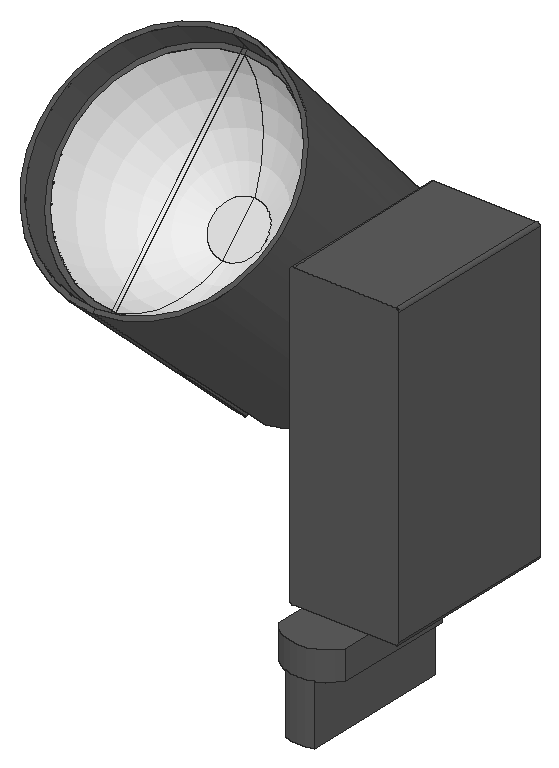
Revit family "0004904 Feilo Sylvania Lighting Fixture START TRACK SPOT L 55W 4K RA90 NB BLACK", category Lighting Fixtures, host Face, Revit 2017
Family settings
  Host = Face
  Round Connector Dimension = Use Diameter
  Part Type = Normal
  OmniClass Number = 23.80.70.00
  OmniClass Title = Lighting
  Cut with Voids When Loaded = No
  Light Source = No
  Shared = No
  Room Calculation Point = No
Parameters (values of type "0004904 START TRACK SPOT L 55W 4K RA90 NB BLACK")
  Weight = "1.398 kg"
  Wattage Comments = ""
  WarrantyStartDate [instance] = "n/a"
  WarrantyGuarantorParts = "n/a"
  WarrantyDurationUnit = "n/a"
  WarrantyDurationParts = "n/a"
  WarrantyDescription = "n/a"
  Voltage = 230 V
  URL = "http://www.sylvania-lighting.com"
  TypeName = "START TRACK SPOT L 55W 4K RA90 NB BLACK"
  TypeHead_FEILO = Start Track Spot Head : 0004904 START TRACK SPOT L 55W 4K RA90 NB BLACK
  TypeBox_FEILO = Start Track Spot Box : Type Large Black
  Type Image = <None>
  Type Comments = "n/a"
  VerticalRotation_FEILO [instance] = 0.00°
  SlideEndAngle_FEILO [instance] = VerticalRotation_FEILO + 180.00°  # 180.00°
  SerialNumber [instance] = "n/a"
  Material_3_FEILO = none
  PowerFactor = 0.96
  PowerConsumption = "55 W"
  NominalLength = 0 mm
  NominalHeight = 240 mm
  NominalDepth = 164 mm
  Name = "START TRACK SPOT L 55W 4K RA90 NB BLACK"
  ModelReference = Name  # "START TRACK SPOT L 55W 4K RA90 NB BLACK"
  ModelNumber = "0004904"
  Model = Name  # "START TRACK SPOT L 55W 4K RA90 NB BLACK"
  Material = "adc12 aluminium housing, polycarbonate diffuser"
  ManufacturerName = "Feilo Sylvania"
  Manufacturer = "Feilo Sylvania"
  LuminousEfficacy = "90 lm/W"
  LuminaireType = ""
  LightOutputRatio = "100"
  LampsType = Lamp  # "LED"
  LampNominalLuminous = "4965 lm"
  LampMacAdamStep = "3"
  LampColourTemperature = "4000 K"
  LampColourRenderingIndex = "90"
  Lamp = "LED"
  Keynote = "16500"
  InstallationDate [instance] = "n/a"
  InputVoltage = "230-240V~"
  InputNominalFrequency = "50/60 Hz"
  IngressProtection = "IP20"
  ImpactProtectionIndex = "IK02"
  IfcExportType = "IfcLightFixtureType"
  IfcExportAs = "IfcLightFixtureType"
  HorizontalRotation_FEILO [instance] = 45.00°
  ExpectedLife = 50000
  ElectricShockClassification = "Class II"
  DurationUnit = "hours"
  DocumentationLiterature = "http://www.sylvania-lighting.com/product/en-int/products/0004904"
  DimmingControlOptions = "Non dimmable"
  Material_2_FEILO = none
  Description = "Integrated LED spotlight, Textured Black - RAL9005, compact and minimalist design, ideal for retail applications, die-cast aluminium body, passive cooling heatsink. Beam angle: 15°, color temperature: 4000K , total system power: 55W, total fixture output: 4965 lm, LOR: 100%, colour rendering: Ra: 90 typical, LED Chromaticity: 3 step MacAdam ellipse, lifetime: >50000 hours at L70B50, energy class: A++, A+, A, IR/UV free light source without heat radiation, operating voltage: 220-240V / 50-60Hz, drive current: 1400mA, electronic driver, non-dimmable, power factor: 0.96, electrical protection: Class II, Global Track 3 Phase adapter suitable for Global trac 3-circuit tracks, ingress protection rating: IP20, suitable for internal environment only, horizontal rotation: 355°, vertical tilt: 90°, dimensions: Ø113x164x240, weight: 1.398kg."
  Default Elevation = 1219.2 mm
  CreatedOn = "12/12/2017"
  CreatedBy = ""
  Cost = 0
  built-in parameter 1114216 [instance] = (empty or 0)
  ClassificationValue = "EF_70_80"
  ClassificationName = "Uniclass2015"
  Material_1_FEILO = Body-Sylvania-StartTrackSpot-Black
  BarCode [instance] = "n/a"
  AssetType = "Fixed"
  AssetIdentifier [instance] = "n/a"
  Assembly Code = "D5020200"
  Apparent Load = 55 VA
  Material_4_FEILO = none
Reference planes
  plane 1 "Center (Front/Back)": y = 0
  plane 2: z = 0
  plane 3 "Center (Left/Right)": x = 0
  plane 4: x = 15
  plane 5: x = -15
  plane 6: y = 35
  plane 7: y = -35
  plane 8: z = 13
  plane 9: z = -27
  plane 10: x = 6.5
  plane 11: x = -6.5
  plane 12: y = 27
  plane 13: y = -27
  plane 14: y = 20
Forms (mm)
  Extrusion 1, solid, material "Body-Sylvania-StartTrackSpot-Black" <- "Material_1_FEILO"
    sketch origin (0, 0, 0) x (1, 0, 0) y (0, 1, 0)
      loop
        line (-15, 27) -> (-15, -27)
        arc (-15, -27) -> (0, -35) -> (15, -27) r 18.062
        line (15, -27) -> (15, 27)
        arc (15, 27) -> (0, 35) -> (-15, 27) r 18.062
    from 0 to 13
  Extrusion 2, solid, material "Body-Sylvania-StartTrackSpot-Black" <- "Material_1_FEILO"
    sketch origin (0, 0, 0) x (1, 0, 0) y (0, 1, 0)
      loop
        arc (6.5, 33.79) -> (0, 35) -> (-6.5, 33.79) r 18.062
        line (-6.5, 33.79) -> (-6.5, -33.79)
        arc (-6.5, -33.79) -> (0, -35) -> (6.5, -33.79) r 18.062
        line (6.5, -33.79) -> (6.5, 33.79)
    from 0 to -27
  Revolve 3, solid, not visible
    sketch origin (1524, 20, 1219.2) x (1, 0, 0) y (0, 0, 1)
      loop
        line (-1524, -1206.2) -> (-1524, -1191.285) -> (-1530.5, -1191.285) -> (-1530.5, -1206.2) -> (-1524, -1206.2)
      axis (-1524, -1191.285) -> (-1524, -1206.2)
    angle from 0 <- "VerticalRotation_FEILO" to 180 <- "SlideEndAngle_FEILO"
Cuts and joins
  joined: Extrusion 1, Extrusion 2
Dimensions and locks
  equal spacing: plane 10, plane 3 "Center (Left/Right)", plane 11
  equal spacing: plane 4, plane 3 "Center (Left/Right)", plane 5
  locked: plane 8 to plane 2 at 13
  locked: plane 8 to plane 9 at 40
  equal spacing: plane 13, plane 1 "Center (Front/Back)", plane 12
  locked: plane 12 to plane 6 at 8
  locked: plane 14 to plane 6 at 15
  locked: Revolve 3 sketch curve to plane 8 at 14.915
  aligned and locked: plane 2 to host face
  aligned and locked: level to host face
  aligned and locked: plane 5 to Extrusion 1 sketch curve  (x2)
  aligned and locked: plane 12 to Extrusion 1 sketch curve
  aligned and locked: plane 13 to Extrusion 1 sketch curve
  aligned and locked: plane 4 to Extrusion 1 sketch curve
  aligned and locked: Extrusion 1 to plane 8
  aligned and locked: Extrusion 1 to level
  aligned and locked: Extrusion 2 sketch curve to Extrusion 1  (x2)
  aligned and locked: Extrusion 2 sketch curve to plane 11
  aligned and locked: plane 10 to Extrusion 2 sketch curve
  aligned and locked: plane 9 to Extrusion 2
  aligned and locked: level to Extrusion 2
  aligned and locked: Revolve 3 sketch curve to plane 3 "Center (Left/Right)"  (x2)
  aligned and locked: plane 11 to Revolve 3 sketch curve
  aligned and locked: Revolve 3 sketch curve to plane 8
Automatic sketch dimensions
  host sketch curve to host sketch curve = 2438.4 mm  (x2)
  Extrusion 1 sketch curve to plane 3 "Center (Left/Right)" = 0 mm  (x2)
  Extrusion 1 sketch curve to plane 13 = 10.062 mm
  plane 12 to Extrusion 1 sketch curve = 10.062 mm
  Revolve 3 sketch curve to plane 3 "Center (Left/Right)" = 0 mm
  plane 9 to Revolve 3 sketch curve = 582.6 mm
  Revolve 3 sketch curve to Revolve 3 sketch curve = 2581.144 mm
Nested families
  nested 1: "Start Track Spot Head" at (-75.5, 20, 133) x (0, 0.7071, 0.7071) z (0, 0.7071, -0.7071), type <- "TypeHead_FEILO", type "0004904 START TRACK SPOT L 55W 4K RA90 NB BLACK"
    with built-in parameter 1114216 (empty or 0)
  nested 2: "Start Track Spot Box" at (8.5, 20, 85) x (-1, 0, 0) z (0, -1, 0), BoxStartAngle_FEILO <- "HorizontalRotation_FEILO", type <- "TypeBox_FEILO", type "Type Large Black"
    with BoxStartAngle_FEILO 45.00°, BoxEndAngle_FEILO -135.00°
Connectors
  electrical at (0, 0, 0), driven by "Apparent Load", driven by "PowerFactor", driven by "Voltage"
    settings: index 1, voltage 230 V, apparent load 55 VA, apparent load phase1 0 VA, apparent load phase2 0 VA, apparent load phase3 0 VA, power factor 0.96, load classification "Lighting", number of poles 1, system type 30, power factor state 1, is connector primary yes, connector utility no, sub classification motor no, connector description ""
Definition of nested family "Start Track Spot Head"
  Parameters (values of type "0004811 START TRACK SPOT S 14W 3K RA80 NB WHITE")
    Wattage Comments = "n/a"
    Wattage = 14 W
    built-in parameter 1150110 = 1 (stored number, unit not read)
    URL = "http://www.feilosylvania.com"
    Type Image = (empty or 0)
    Type Comments = "n/a"
    built-in parameter 1114217 = 1 (stored number, unit not read)
    Tilt Angle = -90.00°
    built-in parameter 1150109 = 1 (stored number, unit not read)
    built-in parameter 1150134 = (empty or 0)
    built-in parameter 1150113 = 1 (stored number, unit not read)
    Photometric Web File = "0004811.ies"
    Material_3_FEILO = none
    Model = "START TRACK SPOT S 14W 3K RA80 NB WHITE"
    Manufacturer = "Feilo Sylvania"
    built-in parameter 1150105 = 123.66 (stored number, unit not read)
    Lumens = 1554 lm
    built-in parameter 1150115 = 1 (stored number, unit not read)
    built-in parameter 1150137 = (empty or 0)
    built-in parameter 1150139 = (empty or 0)
    built-in parameter 1150112 = 1 (stored number, unit not read)
    built-in parameter 1150114 = 1 (stored number, unit not read)
    Lamp = "LED"
    Keynote = "16500"
    Material_2_FEILO = none
    built-in parameter 1150132 = (empty or 0)
    built-in parameter 1150102 = (empty or 0)
    built-in parameter 1150107 = 3000 (stored number, unit not read)
    built-in parameter 1150138 = (empty or 0)
    built-in parameter 1150106 = 1.2366 (stored number, unit not read)
    HeadThickness_FEILO = if(HeadDiaOut_FEILO > 112 mm, 2 mm, 1.5 mm)  # 1.5 mm
    HeadRibOffset_FEILO = HeadHeight_FEILO / 28  # 4.179 mm
    HeadRibDepth_FEILO = HeadHeight_FEILO / 2.1  # 55.714 mm
    HeadRibCutWidth_FEILO = HeadDiaOut_FEILO / 12  # 7.167 mm
    HeadRibCutOffset_FEILO = HeadHeight_FEILO / 2.3  # 50.87 mm
    HeadReflectorRadius_FEILO = HeadDiaOut_FEILO / 1.7  # 50.588 mm
    HeadReflectorOffset_FEILO = HeadHeight_FEILO / 2.1  # 55.714 mm
    HeadLEDRadius_FEILO = HeadDiaOut_FEILO / 9  # 9.556 mm
    HeadHeight_FEILO = 117 mm
    HeadDraft_FEILO = 1 mm
    HeadDiffusorThickness_FEILO = 3 mm
    HeadDiffusorOffset_FEILO = HeadHeight_FEILO / 12.4  # 9.435 mm
    HeadDiaOut_FEILO = 86 mm
    HeadDiaIn_FEILO = HeadDiaOut_FEILO / 1.11  # 77.477 mm
    HeadAxisFromTop_FEILO = HeadHeight_FEILO / 1.687  # 69.354 mm
    Emit from Circle Diameter = HeadDiaIn_FEILO  # 77.477 mm
    Emit Shape Visible in Rendering = no
    built-in parameter 1150104 = 10.312 (stored number, unit not read)
    Dimming Lamp Color Temperature Shift = (empty or 0)
    Description = "Integrated LED spotlight, Textured White - RAL9016, compact and minimalist design, ideal for retail applications, die-cast aluminium body, passive cooling heatsink. Beam angle: 12°, color temperature: 3000K , total system power: 14W, total fixture output: 1551 lm, LOR: 100%, colour rendering: Ra: 80 typical, LED Chromaticity: 3 step MacAdam ellipse, lifetime: >50000 hours at L70B50, energy class: A++, A+, A, IR/UV free light source without heat radiation, operating voltage: 220-240V / 50-60Hz, drive current: 350mA, electronic driver, non-dimmable, power factor: 0.92, electrical protection: Class II, Global Track 3 Phase adapter suitable for Global trac 3-circuit tracks, ingress protection rating: IP20, suitable for internal environment only, horizontal rotation: 355°, vertical tilt: 90°, dimensions: Ø86x140x200, weight: 0.940kg."
    Default Elevation = 1219.2 mm
    Cost = 0
    Color Filter = 16777215
    built-in parameter 1114216 [instance] = (empty or 0)
    Material_1_FEILO = none
    built-in parameter 1114218 = 1 (stored number, unit not read)
    built-in parameter 1150133 = 10 (stored number, unit not read)
    Assembly Code = "D5020200"
    Apparent Load = 14 VA
    Material_4_FEILO = none
  Types (96, lengths in mm): name | Wattage | built-in parameter 1150134 | Photometric Web File | Model | built-in parameter 1150105 | Lumens | built-in parameter 1150107 | built-in parameter 1150106 | HeadThickness_FEILO | HeadRibOffset_FEILO | HeadRibDepth_FEILO | HeadRibCutWidth_FEILO | HeadRibCutOffset_FEILO | HeadReflectorRadius_FEILO | HeadReflectorOffset_FEILO | HeadLEDRadius_FEILO | HeadHeight_FEILO | HeadDiffusorOffset_FEILO | HeadDiaOut_FEILO | HeadDiaIn_FEILO | HeadAxisFromTop_FEILO | Emit from Circle Diameter | built-in parameter 1150104 | Description | Apparent Load
    0004906 START TRACK SPOT L 55W 4K RA90 WB BLACK | 55 W | 12 | "0004906.ies" | "START TRACK SPOT L 55W 4K RA90 WB BLACK" | 385.15 (stored number, unit not read) | 4840 lm | 4000 (stored number, unit not read) | 3.8515 (stored number, unit not read) | 2 | 4.429 | 59.048 | 9.417 | 53.913 | 66.471 | 59.048 | 12.556 | 124 | 10 | 113 | 101.802 | 73.503 | 101.802 | 8.1755 (stored number, unit not read) | "Integrated LED spotlight, Textured Black - RAL9005, compact and minimalist design, ideal for retail applications, die-cast aluminium body, passive cooling heatsink. Beam angle: 52°, color temperature: 4000K , total system power: 55W, total fixture output: 4824 lm, LOR: 100%, colour rendering: Ra: 90 typical, LED Chromaticity: 3 step MacAdam ellipse, lifetime: >50000 hours at L70B50, energy class: A++, A+, A, IR/UV free light source without heat radiation, operating voltage: 220-240V / 50-60Hz, drive current: 1400mA, electronic driver, non-dimmable, power factor: 0.96, electrical protection: Class II, Global Track 3 Phase adapter suitable for Global trac 3-circuit tracks, ingress protection rating: IP20, suitable for internal environment only, horizontal rotation: 355°, vertical tilt: 90°, dimensions: Ø113x164x240, weight: 1.398kg." | 55 VA
    0004905 START TRACK SPOT L 55W 4K RA90 MB BLACK | 55 W | 12 | "0004905.ies" | "START TRACK SPOT L 55W 4K RA90 MB BLACK" | 389.53 (stored number, unit not read) | 4895 lm | 4000 (stored number, unit not read) | 3.8953 (stored number, unit not read) | 2 | 4.429 | 59.048 | 9.417 | 53.913 | 66.471 | 59.048 | 12.556 | 124 | 10 | 113 | 101.802 | 73.503 | 101.802 | 8.2684 (stored number, unit not read) | "Integrated LED spotlight, Textured Black - RAL9005, compact and minimalist design, ideal for retail applications, die-cast aluminium body, passive cooling heatsink. Beam angle: 38°, color temperature: 4000K , total system power: 55W, total fixture output: 4897 lm, LOR: 100%, colour rendering: Ra: 90 typical, LED Chromaticity: 3 step MacAdam ellipse, lifetime: >50000 hours at L70B50, energy class: A++, A+, A, IR/UV free light source without heat radiation, operating voltage: 220-240V / 50-60Hz, drive current: 1400mA, electronic driver, non-dimmable, power factor: 0.96, electrical protection: Class II, Global Track 3 Phase adapter suitable for Global trac 3-circuit tracks, ingress protection rating: IP20, suitable for internal environment only, horizontal rotation: 355°, vertical tilt: 90°, dimensions: Ø113x164x240, weight: 1.398kg." | 55 VA
    0004904 START TRACK SPOT L 55W 4K RA90 NB BLACK | 55 W | 12 | "0004904.ies" | "START TRACK SPOT L 55W 4K RA90 NB BLACK" | 393.91 (stored number, unit not read) | 4950 lm | 4000 (stored number, unit not read) | 3.9391 (stored number, unit not read) | 2 | 4.429 | 59.048 | 9.417 | 53.913 | 66.471 | 59.048 | 12.556 | 124 | 10 | 113 | 101.802 | 73.503 | 101.802 | 8.3613 (stored number, unit not read) | "Integrated LED spotlight, Textured Black - RAL9005, compact and minimalist design, ideal for retail applications, die-cast aluminium body, passive cooling heatsink. Beam angle: 15°, color temperature: 4000K , total system power: 55W, total fixture output: 4965 lm, LOR: 100%, colour rendering: Ra: 90 typical, LED Chromaticity: 3 step MacAdam ellipse, lifetime: >50000 hours at L70B50, energy class: A++, A+, A, IR/UV free light source without heat radiation, operating voltage: 220-240V / 50-60Hz, drive current: 1400mA, electronic driver, non-dimmable, power factor: 0.96, electrical protection: Class II, Global Track 3 Phase adapter suitable for Global trac 3-circuit tracks, ingress protection rating: IP20, suitable for internal environment only, horizontal rotation: 355°, vertical tilt: 90°, dimensions: Ø113x164x240, weight: 1.398kg." | 55 VA
    0004903 START TRACK SPOT L 35W 4K RA90 WB BLACK | 35 W | 12 | "0004903.ies" | "START TRACK SPOT L 35W 4K RA90 WB BLACK" | 284.09 (stored number, unit not read) | 3570 lm | 4000 (stored number, unit not read) | 2.8409 (stored number, unit not read) | 2 | 4.429 | 59.048 | 9.417 | 53.913 | 66.471 | 59.048 | 12.556 | 124 | 10 | 113 | 101.802 | 73.503 | 101.802 | 9.4761 (stored number, unit not read) | "Integrated LED spotlight, Textured Black - RAL9005, compact and minimalist design, ideal for retail applications, die-cast aluminium body, passive cooling heatsink. Beam angle: 52°, color temperature: 4000K , total system power: 35W, total fixture output: 3562 lm, LOR: 100%, colour rendering: Ra: 90 typical, LED Chromaticity: 3 step MacAdam ellipse, lifetime: >50000 hours at L70B50, energy class: A++, A+, A, IR/UV free light source without heat radiation, operating voltage: 220-240V / 50-60Hz, drive current: 900mA, electronic driver, non-dimmable, power factor: 0.93, electrical protection: Class II, Global Track 3 Phase adapter suitable for Global trac 3-circuit tracks, ingress protection rating: IP20, suitable for internal environment only, horizontal rotation: 355°, vertical tilt: 90°, dimensions: Ø113x164x240, weight: 1.368kg." | 35 VA
    0004902 START TRACK SPOT L 35W 4K RA90 MB BLACK | 35 W | 12 | "0004902.ies" | "START TRACK SPOT L 35W 4K RA90 MB BLACK" | 286.88 (stored number, unit not read) | 3605 lm | 4000 (stored number, unit not read) | 2.8688 (stored number, unit not read) | 2 | 4.429 | 59.048 | 9.417 | 53.913 | 66.471 | 59.048 | 12.556 | 124 | 10 | 113 | 101.802 | 73.503 | 101.802 | 9.569 (stored number, unit not read) | "Integrated LED spotlight, Textured Black - RAL9005, compact and minimalist design, ideal for retail applications, die-cast aluminium body, passive cooling heatsink. Beam angle: 38°, color temperature: 4000K , total system power: 35W, total fixture output: 3616 lm, LOR: 100%, colour rendering: Ra: 90 typical, LED Chromaticity: 3 step MacAdam ellipse, lifetime: >50000 hours at L70B50, energy class: A++, A+, A, IR/UV free light source without heat radiation, operating voltage: 220-240V / 50-60Hz, drive current: 900mA, electronic driver, non-dimmable, power factor: 0.93, electrical protection: Class II, Global Track 3 Phase adapter suitable for Global trac 3-circuit tracks, ingress protection rating: IP20, suitable for internal environment only, horizontal rotation: 355°, vertical tilt: 90°, dimensions: Ø113x164x240, weight: 1.368kg." | 35 VA
    0004901 START TRACK SPOT L 35W 4K RA90 NB BLACK | 35 W | 12 | "0004901.ies" | "START TRACK SPOT L 35W 4K RA90 NB BLACK" | 286.88 (stored number, unit not read) | 3605 lm | 4000 (stored number, unit not read) | 2.8688 (stored number, unit not read) | 2 | 4.429 | 59.048 | 9.417 | 53.913 | 66.471 | 59.048 | 12.556 | 124 | 10 | 113 | 101.802 | 73.503 | 101.802 | 9.569 (stored number, unit not read) | "Integrated LED spotlight, Textured Black - RAL9005, compact and minimalist design, ideal for retail applications, die-cast aluminium body, passive cooling heatsink. Beam angle: 15°, color temperature: 4000K , total system power: 35W, total fixture output: 3593 lm, LOR: 100%, colour rendering: Ra: 90 typical, LED Chromaticity: 3 step MacAdam ellipse, lifetime: >50000 hours at L70B50, energy class: A++, A+, A, IR/UV free light source without heat radiation, operating voltage: 220-240V / 50-60Hz, drive current: 900mA, electronic driver, non-dimmable, power factor: 0.93, electrical protection: Class II, Global Track 3 Phase adapter suitable for Global trac 3-circuit tracks, ingress protection rating: IP20, suitable for internal environment only, horizontal rotation: 355°, vertical tilt: 90°, dimensions: Ø113x164x240, weight: 1.368kg." | 35 VA
    0004900 START TRACK SPOT S 24W 4K RA90 WB BLACK | 24 W | 12 | "0004900.ies" | "START TRACK SPOT S 24W 4K RA90 WB BLACK" | 166.16 (stored number, unit not read) | 2088 lm | 4000 (stored number, unit not read) | 1.6616 (stored number, unit not read) | 1.5 | 4.179 | 55.714 | 7.167 | 50.87 | 50.588 | 55.714 | 9.556 | 117 | 9.435 | 86 | 77.477 | 69.354 | 77.477 | 8.0826 (stored number, unit not read) | "Integrated LED spotlight, Textured Black - RAL9005, compact and minimalist design, ideal for retail applications, die-cast aluminium body, passive cooling heatsink. Beam angle: 64°, color temperature: 4000K , total system power: 24W, total fixture output: 2087 lm, LOR: 100%, colour rendering: Ra: 90 typical, LED Chromaticity: 3 step MacAdam ellipse, lifetime: >50000 hours at L70B50, energy class: A++, A+, A, IR/UV free light source without heat radiation, operating voltage: 220-240V / 50-60Hz, drive current: 600mA, electronic driver, non-dimmable, power factor: 0.95, electrical protection: Class II, Global Track 3 Phase adapter suitable for Global trac 3-circuit tracks, ingress protection rating: IP20, suitable for internal environment only, horizontal rotation: 355°, vertical tilt: 90°, dimensions: Ø86x140x200, weight: 0.966kg." | 24 VA
    0004899 START TRACK SPOT S 24W 4K RA90 MB BLACK | 24 W | 12 | "0004899.ies" | "START TRACK SPOT S 24W 4K RA90 MB BLACK" | 169.98 (stored number, unit not read) | 2136 lm | 4000 (stored number, unit not read) | 1.6998 (stored number, unit not read) | 1.5 | 4.179 | 55.714 | 7.167 | 50.87 | 50.588 | 55.714 | 9.556 | 117 | 9.435 | 86 | 77.477 | 69.354 | 77.477 | 8.2684 (stored number, unit not read) | "Integrated LED spotlight, Textured Black - RAL9005, compact and minimalist design, ideal for retail applications, die-cast aluminium body, passive cooling heatsink. Beam angle: 36°, color temperature: 4000K , total system power: 24W, total fixture output: 2141 lm, LOR: 100%, colour rendering: Ra: 90 typical, LED Chromaticity: 3 step MacAdam ellipse, lifetime: >50000 hours at L70B50, energy class: A++, A+, A, IR/UV free light source without heat radiation, operating voltage: 220-240V / 50-60Hz, drive current: 600mA, electronic driver, non-dimmable, power factor: 0.95, electrical protection: Class II, Global Track 3 Phase adapter suitable for Global trac 3-circuit tracks, ingress protection rating: IP20, suitable for internal environment only, horizontal rotation: 355°, vertical tilt: 90°, dimensions: Ø86x140x200, weight: 0.966kg." | 24 VA
    0004898 START TRACK SPOT S 24W 4K RA90 NB BLACK | 24 W | 12 | "0004898.ies" | "START TRACK SPOT S 24W 4K RA90 NB BLACK" | 171.89 (stored number, unit not read) | 2160 lm | 4000 (stored number, unit not read) | 1.7189 (stored number, unit not read) | 1.5 | 4.179 | 55.714 | 7.167 | 50.87 | 50.588 | 55.714 | 9.556 | 117 | 9.435 | 86 | 77.477 | 69.354 | 77.477 | 8.3613 (stored number, unit not read) | "Integrated LED spotlight, Textured Black - RAL9005, compact and minimalist design, ideal for retail applications, die-cast aluminium body, passive cooling heatsink. Beam angle: 12°, color temperature: 4000K , total system power: 24W, total fixture output: 2155 lm, LOR: 100%, colour rendering: Ra: 90 typical, LED Chromaticity: 3 step MacAdam ellipse, lifetime: >50000 hours at L70B50, energy class: A++, A+, A, IR/UV free light source without heat radiation, operating voltage: 220-240V / 50-60Hz, drive current: 600mA, electronic driver, non-dimmable, power factor: 0.95, electrical protection: Class II, Global Track 3 Phase adapter suitable for Global trac 3-circuit tracks, ingress protection rating: IP20, suitable for internal environment only, horizontal rotation: 355°, vertical tilt: 90°, dimensions: Ø86x140x200, weight: 0.966kg." | 24 VA
    0004897 START TRACK SPOT S 14W 4K RA90 WB BLACK | 14 W | 12 | "0004897.ies" | "START TRACK SPOT S 14W 4K RA90 WB BLACK" | 108.07 (stored number, unit not read) | 1358 lm | 4000 (stored number, unit not read) | 1.0807 (stored number, unit not read) | 1.5 | 4.179 | 55.714 | 7.167 | 50.87 | 50.588 | 55.714 | 9.556 | 117 | 9.435 | 86 | 77.477 | 69.354 | 77.477 | 9.0116 (stored number, unit not read) | "Integrated LED spotlight, Textured Black - RAL9005, compact and minimalist design, ideal for retail applications, die-cast aluminium body, passive cooling heatsink. Beam angle: 64°, color temperature: 4000K , total system power: 14W, total fixture output: 1352 lm, LOR: 100%, colour rendering: Ra: 90 typical, LED Chromaticity: 3 step MacAdam ellipse, lifetime: >50000 hours at L70B50, energy class: A++, A+, A, IR/UV free light source without heat radiation, operating voltage: 220-240V / 50-60Hz, drive current: 350mA, electronic driver, non-dimmable, power factor: 0.92, electrical protection: Class II, Global Track 3 Phase adapter suitable for Global trac 3-circuit tracks, ingress protection rating: IP20, suitable for internal environment only, horizontal rotation: 355°, vertical tilt: 90°, dimensions: Ø86x140x200, weight: 0.940kg." | 14 VA
    0004896 START TRACK SPOT S 14W 4K RA90 MB BLACK | 14 W | 12 | "0004896.ies" | "START TRACK SPOT S 14W 4K RA90 MB BLACK" | 108.07 (stored number, unit not read) | 1358 lm | 4000 (stored number, unit not read) | 1.0807 (stored number, unit not read) | 1.5 | 4.179 | 55.714 | 7.167 | 50.87 | 50.588 | 55.714 | 9.556 | 117 | 9.435 | 86 | 77.477 | 69.354 | 77.477 | 9.0116 (stored number, unit not read) | "Integrated LED spotlight, Textured Black - RAL9005, compact and minimalist design, ideal for retail applications, die-cast aluminium body, passive cooling heatsink. Beam angle: 36°, color temperature: 4000K , total system power: 14W, total fixture output: 1359 lm, LOR: 100%, colour rendering: Ra: 90 typical, LED Chromaticity: 3 step MacAdam ellipse, lifetime: >50000 hours at L70B50, energy class: A++, A+, A, IR/UV free light source without heat radiation, operating voltage: 220-240V / 50-60Hz, drive current: 350mA, electronic driver, non-dimmable, power factor: 0.92, electrical protection: Class II, Global Track 3 Phase adapter suitable for Global trac 3-circuit tracks, ingress protection rating: IP20, suitable for internal environment only, horizontal rotation: 355°, vertical tilt: 90°, dimensions: Ø86x140x200, weight: 0.940kg." | 14 VA
    0004895 START TRACK SPOT S 14W 4K RA90 NB BLACK | 14 W | 12 | "0004895.ies" | "START TRACK SPOT S 14W 4K RA90 NB BLACK" | 106.95 (stored number, unit not read) | 1344 lm | 4000 (stored number, unit not read) | 1.0695 (stored number, unit not read) | 1.5 | 4.179 | 55.714 | 7.167 | 50.87 | 50.588 | 55.714 | 9.556 | 117 | 9.435 | 86 | 77.477 | 69.354 | 77.477 | 8.9187 (stored number, unit not read) | "Integrated LED spotlight, Textured Black - RAL9005, compact and minimalist design, ideal for retail applications, die-cast aluminium body, passive cooling heatsink. Beam angle: 12°, color temperature: 4000K , total system power: 14W, total fixture output: 1349 lm, LOR: 100%, colour rendering: Ra: 90 typical, LED Chromaticity: 3 step MacAdam ellipse, lifetime: >50000 hours at L70B50, energy class: A++, A+, A, IR/UV free light source without heat radiation, operating voltage: 220-240V / 50-60Hz, drive current: 350mA, electronic driver, non-dimmable, power factor: 0.92, electrical protection: Class II, Global Track 3 Phase adapter suitable for Global trac 3-circuit tracks, ingress protection rating: IP20, suitable for internal environment only, horizontal rotation: 355°, vertical tilt: 90°, dimensions: Ø86x140x200, weight: 0.940kg." | 14 VA
    0004894 START TRACK SPOT L 55W 3K RA90 WB BLACK | 55 W | (empty or 0) | "0004894.ies" | "START TRACK SPOT L 55W 3K RA90 WB BLACK" | 350.14 (stored number, unit not read) | 4400 lm | 3000 (stored number, unit not read) | 3.5014 (stored number, unit not read) | 2 | 4.429 | 59.048 | 9.417 | 53.913 | 66.471 | 59.048 | 12.556 | 124 | 10 | 113 | 101.802 | 73.503 | 101.802 | 7.4322 (stored number, unit not read) | "Integrated LED spotlight, Textured Black - RAL9005, compact and minimalist design, ideal for retail applications, die-cast aluminium body, passive cooling heatsink. Beam angle: 52°, color temperature: 3000K , total system power: 55W, total fixture output: 4405 lm, LOR: 100%, colour rendering: Ra: 90 typical, LED Chromaticity: 3 step MacAdam ellipse, lifetime: >50000 hours at L70B50, energy class: A++, A+, A, IR/UV free light source without heat radiation, operating voltage: 220-240V / 50-60Hz, drive current: 1400mA, electronic driver, non-dimmable, power factor: 0.96, electrical protection: Class II, Global Track 3 Phase adapter suitable for Global trac 3-circuit tracks, ingress protection rating: IP20, suitable for internal environment only, horizontal rotation: 355°, vertical tilt: 90°, dimensions: Ø113x164x240, weight: 1.398kg." | 55 VA
    0004893 START TRACK SPOT L 55W 3K RA90 MB BLACK | 55 W | (empty or 0) | "0004893.ies" | "START TRACK SPOT L 55W 3K RA90 MB BLACK" | 354.52 (stored number, unit not read) | 4455 lm | 3000 (stored number, unit not read) | 3.5452 (stored number, unit not read) | 2 | 4.429 | 59.048 | 9.417 | 53.913 | 66.471 | 59.048 | 12.556 | 124 | 10 | 113 | 101.802 | 73.503 | 101.802 | 7.5251 (stored number, unit not read) | "Integrated LED spotlight, Textured Black - RAL9005, compact and minimalist design, ideal for retail applications, die-cast aluminium body, passive cooling heatsink. Beam angle: 38°, color temperature: 3000K , total system power: 55W, total fixture output: 4448 lm, LOR: 100%, colour rendering: Ra: 90 typical, LED Chromaticity: 3 step MacAdam ellipse, lifetime: >50000 hours at L70B50, energy class: A++, A+, A, IR/UV free light source without heat radiation, operating voltage: 220-240V / 50-60Hz, drive current: 1400mA, electronic driver, non-dimmable, power factor: 0.96, electrical protection: Class II, Global Track 3 Phase adapter suitable for Global trac 3-circuit tracks, ingress protection rating: IP20, suitable for internal environment only, horizontal rotation: 355°, vertical tilt: 90°, dimensions: Ø113x164x240, weight: 1.398kg." | 55 VA
    0004892 START TRACK SPOT L 55W 3K RA90 NB BLACK | 55 W | (empty or 0) | "0004892.ies" | "START TRACK SPOT L 55W 3K RA90 NB BLACK" | 350.14 (stored number, unit not read) | 4400 lm | 3000 (stored number, unit not read) | 3.5014 (stored number, unit not read) | 2 | 4.429 | 59.048 | 9.417 | 53.913 | 66.471 | 59.048 | 12.556 | 124 | 10 | 113 | 101.802 | 73.503 | 101.802 | 7.4322 (stored number, unit not read) | "Integrated LED spotlight, Textured Black - RAL9005, compact and minimalist design, ideal for retail applications, die-cast aluminium body, passive cooling heatsink. Beam angle: 15°, color temperature: 3000K , total system power: 55W, total fixture output: 4416 lm, LOR: 100%, colour rendering: Ra: 90 typical, LED Chromaticity: 3 step MacAdam ellipse, lifetime: >50000 hours at L70B50, energy class: A++, A+, A, IR/UV free light source without heat radiation, operating voltage: 220-240V / 50-60Hz, drive current: 1400mA, electronic driver, non-dimmable, power factor: 0.96, electrical protection: Class II, Global Track 3 Phase adapter suitable for Global trac 3-circuit tracks, ingress protection rating: IP20, suitable for internal environment only, horizontal rotation: 355°, vertical tilt: 90°, dimensions: Ø113x164x240, weight: 1.398kg." | 55 VA
    0004891 START TRACK SPOT L 35W 3K RA90 WB BLACK | 35 W | (empty or 0) | "0004891.ies" | "START TRACK SPOT L 35W 3K RA90 WB BLACK" | 259.02 (stored number, unit not read) | 3255 lm | 3000 (stored number, unit not read) | 2.5902 (stored number, unit not read) | 2 | 4.429 | 59.048 | 9.417 | 53.913 | 66.471 | 59.048 | 12.556 | 124 | 10 | 113 | 101.802 | 73.503 | 101.802 | 8.64 (stored number, unit not read) | "Integrated LED spotlight, Textured Black - RAL9005, compact and minimalist design, ideal for retail applications, die-cast aluminium body, passive cooling heatsink. Beam angle: 52°, color temperature: 3000K , total system power: 35W, total fixture output: 3260 lm, LOR: 100%, colour rendering: Ra: 90 typical, LED Chromaticity: 3 step MacAdam ellipse, lifetime: >50000 hours at L70B50, energy class: A++, A+, A, IR/UV free light source without heat radiation, operating voltage: 220-240V / 50-60Hz, drive current: 900mA, electronic driver, non-dimmable, power factor: 0.93, electrical protection: Class II, Global Track 3 Phase adapter suitable for Global trac 3-circuit tracks, ingress protection rating: IP20, suitable for internal environment only, horizontal rotation: 355°, vertical tilt: 90°, dimensions: Ø113x164x240, weight: 1.368kg." | 35 VA
    0004890 START TRACK SPOT L 35W 3K RA90 MB BLACK | 35 W | (empty or 0) | "0004890.ies" | "START TRACK SPOT L 35W 3K RA90 MB BLACK" | 261.81 (stored number, unit not read) | 3290 lm | 3000 (stored number, unit not read) | 2.6181 (stored number, unit not read) | 2 | 4.429 | 59.048 | 9.417 | 53.913 | 66.471 | 59.048 | 12.556 | 124 | 10 | 113 | 101.802 | 73.503 | 101.802 | 8.7329 (stored number, unit not read) | "Integrated LED spotlight, Textured Black - RAL9005, compact and minimalist design, ideal for retail applications, die-cast aluminium body, passive cooling heatsink. Beam angle: 38°, color temperature: 3000K , total system power: 35W, total fixture output: 3306 lm, LOR: 100%, colour rendering: Ra: 90 typical, LED Chromaticity: 3 step MacAdam ellipse, lifetime: >50000 hours at L70B50, energy class: A++, A+, A, IR/UV free light source without heat radiation, operating voltage: 220-240V / 50-60Hz, drive current: 900mA, electronic driver, non-dimmable, power factor: 0.93, electrical protection: Class II, Global Track 3 Phase adapter suitable for Global trac 3-circuit tracks, ingress protection rating: IP20, suitable for internal environment only, horizontal rotation: 355°, vertical tilt: 90°, dimensions: Ø113x164x240, weight: 1.368kg." | 35 VA
    0004889 START TRACK SPOT L 35W 3K RA90 NB BLACK | 35 W | (empty or 0) | "0004889.ies" | "START TRACK SPOT L 35W 3K RA90 NB BLACK" | 261.81 (stored number, unit not read) | 3290 lm | 3000 (stored number, unit not read) | 2.6181 (stored number, unit not read) | 2 | 4.429 | 59.048 | 9.417 | 53.913 | 66.471 | 59.048 | 12.556 | 124 | 10 | 113 | 101.802 | 73.503 | 101.802 | 8.7329 (stored number, unit not read) | "Integrated LED spotlight, Textured Black - RAL9005, compact and minimalist design, ideal for retail applications, die-cast aluminium body, passive cooling heatsink. Beam angle: 15°, color temperature: 3000K , total system power: 35W, total fixture output: 3287 lm, LOR: 100%, colour rendering: Ra: 90 typical, LED Chromaticity: 3 step MacAdam ellipse, lifetime: >50000 hours at L70B50, energy class: A++, A+, A, IR/UV free light source without heat radiation, operating voltage: 220-240V / 50-60Hz, drive current: 900mA, electronic driver, non-dimmable, power factor: 0.93, electrical protection: Class II, Global Track 3 Phase adapter suitable for Global trac 3-circuit tracks, ingress protection rating: IP20, suitable for internal environment only, horizontal rotation: 355°, vertical tilt: 90°, dimensions: Ø113x164x240, weight: 1.368kg." | 35 VA
    0004888 START TRACK SPOT S 24W 3K RA90 WB BLACK | 24 W | (empty or 0) | "0004888.ies" | "START TRACK SPOT S 24W 3K RA90 WB BLACK" | 152.79 (stored number, unit not read) | 1920 lm | 3000 (stored number, unit not read) | 1.5279 (stored number, unit not read) | 1.5 | 4.179 | 55.714 | 7.167 | 50.87 | 50.588 | 55.714 | 9.556 | 117 | 9.435 | 86 | 77.477 | 69.354 | 77.477 | 7.4322 (stored number, unit not read) | "Integrated LED spotlight, Textured Black - RAL9005, compact and minimalist design, ideal for retail applications, die-cast aluminium body, passive cooling heatsink. Beam angle: 64°, color temperature: 3000K , total system power: 24W, total fixture output: 1928 lm, LOR: 100%, colour rendering: Ra: 90 typical, LED Chromaticity: 3 step MacAdam ellipse, lifetime: >50000 hours at L70B50, energy class: A++, A+, A, IR/UV free light source without heat radiation, operating voltage: 220-240V / 50-60Hz, drive current: 600mA, electronic driver, non-dimmable, power factor: 0.95, electrical protection: Class II, Global Track 3 Phase adapter suitable for Global trac 3-circuit tracks, ingress protection rating: IP20, suitable for internal environment only, horizontal rotation: 355°, vertical tilt: 90°, dimensions: Ø86x140x200, weight: 0.966kg." | 24 VA
    0004887 START TRACK SPOT S 24W 3K RA90 MB BLACK | 24 W | (empty or 0) | "0004887.ies" | "START TRACK SPOT S 24W 3K RA90 MB BLACK" | 154.7 (stored number, unit not read) | 1944 lm | 3000 (stored number, unit not read) | 1.547 (stored number, unit not read) | 1.5 | 4.179 | 55.714 | 7.167 | 50.87 | 50.588 | 55.714 | 9.556 | 117 | 9.435 | 86 | 77.477 | 69.354 | 77.477 | 7.5251 (stored number, unit not read) | "Integrated LED spotlight, Textured Black - RAL9005, compact and minimalist design, ideal for retail applications, die-cast aluminium body, passive cooling heatsink. Beam angle: 36°, color temperature: 3000K , total system power: 24W, total fixture output: 1944 lm, LOR: 100%, colour rendering: Ra: 90 typical, LED Chromaticity: 3 step MacAdam ellipse, lifetime: >50000 hours at L70B50, energy class: A++, A+, A, IR/UV free light source without heat radiation, operating voltage: 220-240V / 50-60Hz, drive current: 600mA, electronic driver, non-dimmable, power factor: 0.95, electrical protection: Class II, Global Track 3 Phase adapter suitable for Global trac 3-circuit tracks, ingress protection rating: IP20, suitable for internal environment only, horizontal rotation: 355°, vertical tilt: 90°, dimensions: Ø86x140x200, weight: 0.966kg." | 24 VA
    0004886 START TRACK SPOT S 24W 3K RA90 NB BLACK | 24 W | (empty or 0) | "0004886.ies" | "START TRACK SPOT S 24W 3K RA90 NB BLACK" | 158.52 (stored number, unit not read) | 1992 lm | 3000 (stored number, unit not read) | 1.5852 (stored number, unit not read) | 1.5 | 4.179 | 55.714 | 7.167 | 50.87 | 50.588 | 55.714 | 9.556 | 117 | 9.435 | 86 | 77.477 | 69.354 | 77.477 | 7.711 (stored number, unit not read) | "Integrated LED spotlight, Textured Black - RAL9005, compact and minimalist design, ideal for retail applications, die-cast aluminium body, passive cooling heatsink. Beam angle: 12°, color temperature: 3000K , total system power: 24W, total fixture output: 1987 lm, LOR: 100%, colour rendering: Ra: 90 typical, LED Chromaticity: 3 step MacAdam ellipse, lifetime: >50000 hours at L70B50, energy class: A++, A+, A, IR/UV free light source without heat radiation, operating voltage: 220-240V / 50-60Hz, drive current: 600mA, electronic driver, non-dimmable, power factor: 0.95, electrical protection: Class II, Global Track 3 Phase adapter suitable for Global trac 3-circuit tracks, ingress protection rating: IP20, suitable for internal environment only, horizontal rotation: 355°, vertical tilt: 90°, dimensions: Ø86x140x200, weight: 0.966kg." | 24 VA
    0004885 START TRACK SPOT S 14W 3K RA90 WB BLACK | 14 W | (empty or 0) | "0004885.ies" | "START TRACK SPOT S 14W 3K RA90 WB BLACK" | 100.27 (stored number, unit not read) | 1260 lm | 3000 (stored number, unit not read) | 1.0027 (stored number, unit not read) | 1.5 | 4.179 | 55.714 | 7.167 | 50.87 | 50.588 | 55.714 | 9.556 | 117 | 9.435 | 86 | 77.477 | 69.354 | 77.477 | 8.3613 (stored number, unit not read) | "Integrated LED spotlight, Textured Black - RAL9005, compact and minimalist design, ideal for retail applications, die-cast aluminium body, passive cooling heatsink. Beam angle: 64°, color temperature: 3000K , total system power: 14W, total fixture output: 1262 lm, LOR: 100%, colour rendering: Ra: 90 typical, LED Chromaticity: 3 step MacAdam ellipse, lifetime: >50000 hours at L70B50, energy class: A++, A+, A, IR/UV free light source without heat radiation, operating voltage: 220-240V / 50-60Hz, drive current: 350mA, electronic driver, non-dimmable, power factor: 0.92, electrical protection: Class II, Global Track 3 Phase adapter suitable for Global trac 3-circuit tracks, ingress protection rating: IP20, suitable for internal environment only, horizontal rotation: 355°, vertical tilt: 90°, dimensions: Ø86x140x200, weight: 0.940kg." | 14 VA
    0004884 START TRACK SPOT S 14W 3K RA90 MB BLACK | 14 W | (empty or 0) | "0004884.ies" | "START TRACK SPOT S 14W 3K RA90 MB BLACK" | 100.27 (stored number, unit not read) | 1260 lm | 3000 (stored number, unit not read) | 1.0027 (stored number, unit not read) | 1.5 | 4.179 | 55.714 | 7.167 | 50.87 | 50.588 | 55.714 | 9.556 | 117 | 9.435 | 86 | 77.477 | 69.354 | 77.477 | 8.3613 (stored number, unit not read) | "Integrated LED spotlight, Textured Black - RAL9005, compact and minimalist design, ideal for retail applications, die-cast aluminium body, passive cooling heatsink. Beam angle: 36°, color temperature: 3000K , total system power: 14W, total fixture output: 1262 lm, LOR: 100%, colour rendering: Ra: 90 typical, LED Chromaticity: 3 step MacAdam ellipse, lifetime: >50000 hours at L70B50, energy class: A++, A+, A, IR/UV free light source without heat radiation, operating voltage: 220-240V / 50-60Hz, drive current: 350mA, electronic driver, non-dimmable, power factor: 0.92, electrical protection: Class II, Global Track 3 Phase adapter suitable for Global trac 3-circuit tracks, ingress protection rating: IP20, suitable for internal environment only, horizontal rotation: 355°, vertical tilt: 90°, dimensions: Ø86x140x200, weight: 0.940kg." | 14 VA
    0004883 START TRACK SPOT S 14W 3K RA90 NB BLACK | 14 W | (empty or 0) | "0004883.ies" | "START TRACK SPOT S 14W 3K RA90 NB BLACK" | 102.5 (stored number, unit not read) | 1288 lm | 3000 (stored number, unit not read) | 1.025 (stored number, unit not read) | 1.5 | 4.179 | 55.714 | 7.167 | 50.87 | 50.588 | 55.714 | 9.556 | 117 | 9.435 | 86 | 77.477 | 69.354 | 77.477 | 8.5471 (stored number, unit not read) | "Integrated LED spotlight, Textured Black - RAL9005, compact and minimalist design, ideal for retail applications, die-cast aluminium body, passive cooling heatsink. Beam angle: 12°, color temperature: 3000K , total system power: 14W, total fixture output: 1284 lm, LOR: 100%, colour rendering: Ra: 90 typical, LED Chromaticity: 3 step MacAdam ellipse, lifetime: >50000 hours at L70B50, energy class: A++, A+, A, IR/UV free light source without heat radiation, operating voltage: 220-240V / 50-60Hz, drive current: 350mA, electronic driver, non-dimmable, power factor: 0.92, electrical protection: Class II, Global Track 3 Phase adapter suitable for Global trac 3-circuit tracks, ingress protection rating: IP20, suitable for internal environment only, horizontal rotation: 355°, vertical tilt: 90°, dimensions: Ø86x140x200, weight: 0.940kg." | 14 VA
    0004882 START TRACK SPOT L 55W 4K RA90 WB WHITE | 55 W | 12 | "0004882.ies" | "START TRACK SPOT L 55W 4K RA90 WB WHITE" | 385.15 (stored number, unit not read) | 4840 lm | 4000 (stored number, unit not read) | 3.8515 (stored number, unit not read) | 2 | 4.429 | 59.048 | 9.417 | 53.913 | 66.471 | 59.048 | 12.556 | 124 | 10 | 113 | 101.802 | 73.503 | 101.802 | 8.1755 (stored number, unit not read) | "Integrated LED spotlight, Textured White - RAL9016, compact and minimalist design, ideal for retail applications, die-cast aluminium body, passive cooling heatsink. Beam angle: 52°, color temperature: 4000K , total system power: 55W, total fixture output: 4824 lm, LOR: 100%, colour rendering: Ra: 90 typical, LED Chromaticity: 3 step MacAdam ellipse, lifetime: >50000 hours at L70B50, energy class: A++, A+, A, IR/UV free light source without heat radiation, operating voltage: 220-240V / 50-60Hz, drive current: 1400mA, electronic driver, non-dimmable, power factor: 0.96, electrical protection: Class II, Global Track 3 Phase adapter suitable for Global trac 3-circuit tracks, ingress protection rating: IP20, suitable for internal environment only, horizontal rotation: 355°, vertical tilt: 90°, dimensions: Ø113x164x240, weight: 1.398kg." | 55 VA
    0004881 START TRACK SPOT L 55W 4K RA90 MB WHITE | 55 W | 12 | "0004881.ies" | "START TRACK SPOT L 55W 4K RA90 MB WHITE" | 389.53 (stored number, unit not read) | 4895 lm | 4000 (stored number, unit not read) | 3.8953 (stored number, unit not read) | 2 | 4.429 | 59.048 | 9.417 | 53.913 | 66.471 | 59.048 | 12.556 | 124 | 10 | 113 | 101.802 | 73.503 | 101.802 | 8.2684 (stored number, unit not read) | "Integrated LED spotlight, Textured White - RAL9016, compact and minimalist design, ideal for retail applications, die-cast aluminium body, passive cooling heatsink. Beam angle: 38°, color temperature: 4000K , total system power: 55W, total fixture output: 4897 lm, LOR: 100%, colour rendering: Ra: 90 typical, LED Chromaticity: 3 step MacAdam ellipse, lifetime: >50000 hours at L70B50, energy class: A++, A+, A, IR/UV free light source without heat radiation, operating voltage: 220-240V / 50-60Hz, drive current: 1400mA, electronic driver, non-dimmable, power factor: 0.96, electrical protection: Class II, Global Track 3 Phase adapter suitable for Global trac 3-circuit tracks, ingress protection rating: IP20, suitable for internal environment only, horizontal rotation: 355°, vertical tilt: 90°, dimensions: Ø113x164x240, weight: 1.398kg." | 55 VA
    0004880 START TRACK SPOT L 55W 4K RA90 NB WHITE | 55 W | 12 | "0004880.ies" | "START TRACK SPOT L 55W 4K RA90 NB WHITE" | 393.91 (stored number, unit not read) | 4950 lm | 4000 (stored number, unit not read) | 3.9391 (stored number, unit not read) | 2 | 4.429 | 59.048 | 9.417 | 53.913 | 66.471 | 59.048 | 12.556 | 124 | 10 | 113 | 101.802 | 73.503 | 101.802 | 8.3613 (stored number, unit not read) | "Integrated LED spotlight, Textured White - RAL9016, compact and minimalist design, ideal for retail applications, die-cast aluminium body, passive cooling heatsink. Beam angle: 15°, color temperature: 4000K , total system power: 55W, total fixture output: 4965 lm, LOR: 100%, colour rendering: Ra: 90 typical, LED Chromaticity: 3 step MacAdam ellipse, lifetime: >50000 hours at L70B50, energy class: A++, A+, A, IR/UV free light source without heat radiation, operating voltage: 220-240V / 50-60Hz, drive current: 1400mA, electronic driver, non-dimmable, power factor: 0.96, electrical protection: Class II, Global Track 3 Phase adapter suitable for Global trac 3-circuit tracks, ingress protection rating: IP20, suitable for internal environment only, horizontal rotation: 355°, vertical tilt: 90°, dimensions: Ø113x164x240, weight: 1.398kg." | 55 VA
    0004879 START TRACK SPOT L 35W 4K RA90 WB WHITE | 35 W | 12 | "0004879.ies" | "START TRACK SPOT L 35W 4K RA90 WB WHITE" | 284.09 (stored number, unit not read) | 3570 lm | 4000 (stored number, unit not read) | 2.8409 (stored number, unit not read) | 2 | 4.429 | 59.048 | 9.417 | 53.913 | 66.471 | 59.048 | 12.556 | 124 | 10 | 113 | 101.802 | 73.503 | 101.802 | 9.4761 (stored number, unit not read) | "Integrated LED spotlight, Textured White - RAL9016, compact and minimalist design, ideal for retail applications, die-cast aluminium body, passive cooling heatsink. Beam angle: 52°, color temperature: 4000K , total system power: 35W, total fixture output: 3562 lm, LOR: 100%, colour rendering: Ra: 90 typical, LED Chromaticity: 3 step MacAdam ellipse, lifetime: >50000 hours at L70B50, energy class: A++, A+, A, IR/UV free light source without heat radiation, operating voltage: 220-240V / 50-60Hz, drive current: 900mA, electronic driver, non-dimmable, power factor: 0.93, electrical protection: Class II, Global Track 3 Phase adapter suitable for Global trac 3-circuit tracks, ingress protection rating: IP20, suitable for internal environment only, horizontal rotation: 355°, vertical tilt: 90°, dimensions: Ø113x164x240, weight: 1.368kg." | 35 VA
    0004878 START TRACK SPOT L 35W 4K RA90 MB WHITE | 35 W | 12 | "0004878.ies" | "START TRACK SPOT L 35W 4K RA90 MB WHITE" | 286.88 (stored number, unit not read) | 3605 lm | 4000 (stored number, unit not read) | 2.8688 (stored number, unit not read) | 2 | 4.429 | 59.048 | 9.417 | 53.913 | 66.471 | 59.048 | 12.556 | 124 | 10 | 113 | 101.802 | 73.503 | 101.802 | 9.569 (stored number, unit not read) | "Integrated LED spotlight, Textured White - RAL9016, compact and minimalist design, ideal for retail applications, die-cast aluminium body, passive cooling heatsink. Beam angle: 38°, color temperature: 4000K , total system power: 35W, total fixture output: 3616 lm, LOR: 100%, colour rendering: Ra: 90 typical, LED Chromaticity: 3 step MacAdam ellipse, lifetime: >50000 hours at L70B50, energy class: A++, A+, A, IR/UV free light source without heat radiation, operating voltage: 220-240V / 50-60Hz, drive current: 900mA, electronic driver, non-dimmable, power factor: 0.93, electrical protection: Class II, Global Track 3 Phase adapter suitable for Global trac 3-circuit tracks, ingress protection rating: IP20, suitable for internal environment only, horizontal rotation: 355°, vertical tilt: 90°, dimensions: Ø113x164x240, weight: 1.368kg." | 35 VA
    0004877 START TRACK SPOT L 35W 4K RA90 NB WHITE | 35 W | 12 | "0004877.ies" | "START TRACK SPOT L 35W 4K RA90 NB WHITE" | 286.88 (stored number, unit not read) | 3605 lm | 4000 (stored number, unit not read) | 2.8688 (stored number, unit not read) | 2 | 4.429 | 59.048 | 9.417 | 53.913 | 66.471 | 59.048 | 12.556 | 124 | 10 | 113 | 101.802 | 73.503 | 101.802 | 9.569 (stored number, unit not read) | "Integrated LED spotlight, Textured White - RAL9016, compact and minimalist design, ideal for retail applications, die-cast aluminium body, passive cooling heatsink. Beam angle: 15°, color temperature: 4000K , total system power: 35W, total fixture output: 3593 lm, LOR: 100%, colour rendering: Ra: 90 typical, LED Chromaticity: 3 step MacAdam ellipse, lifetime: >50000 hours at L70B50, energy class: A++, A+, A, IR/UV free light source without heat radiation, operating voltage: 220-240V / 50-60Hz, drive current: 900mA, electronic driver, non-dimmable, power factor: 0.93, electrical protection: Class II, Global Track 3 Phase adapter suitable for Global trac 3-circuit tracks, ingress protection rating: IP20, suitable for internal environment only, horizontal rotation: 355°, vertical tilt: 90°, dimensions: Ø113x164x240, weight: 1.368kg." | 35 VA
    0004876 START TRACK SPOT S 24W 4K RA90 WB WHITE | 24 W | 12 | "0004876.ies" | "START TRACK SPOT S 24W 4K RA90 WB WHITE" | 166.16 (stored number, unit not read) | 2088 lm | 4000 (stored number, unit not read) | 1.6616 (stored number, unit not read) | 1.5 | 4.179 | 55.714 | 7.167 | 50.87 | 50.588 | 55.714 | 9.556 | 117 | 9.435 | 86 | 77.477 | 69.354 | 77.477 | 8.0826 (stored number, unit not read) | "Integrated LED spotlight, Textured White - RAL9016, compact and minimalist design, ideal for retail applications, die-cast aluminium body, passive cooling heatsink. Beam angle: 64°, color temperature: 4000K , total system power: 24W, total fixture output: 2087 lm, LOR: 100%, colour rendering: Ra: 90 typical, LED Chromaticity: 3 step MacAdam ellipse, lifetime: >50000 hours at L70B50, energy class: A++, A+, A, IR/UV free light source without heat radiation, operating voltage: 220-240V / 50-60Hz, drive current: 600mA, electronic driver, non-dimmable, power factor: 0.95, electrical protection: Class II, Global Track 3 Phase adapter suitable for Global trac 3-circuit tracks, ingress protection rating: IP20, suitable for internal environment only, horizontal rotation: 355°, vertical tilt: 90°, dimensions: Ø86x140x200, weight: 0.966kg." | 24 VA
    0004875 START TRACK SPOT S 24W 4K RA90 MB WHITE | 24 W | 12 | "0004875.ies" | "START TRACK SPOT S 24W 4K RA90 MB WHITE" | 169.98 (stored number, unit not read) | 2136 lm | 4000 (stored number, unit not read) | 1.6998 (stored number, unit not read) | 1.5 | 4.179 | 55.714 | 7.167 | 50.87 | 50.588 | 55.714 | 9.556 | 117 | 9.435 | 86 | 77.477 | 69.354 | 77.477 | 8.2684 (stored number, unit not read) | "Integrated LED spotlight, Textured White - RAL9016, compact and minimalist design, ideal for retail applications, die-cast aluminium body, passive cooling heatsink. Beam angle: 36°, color temperature: 4000K , total system power: 24W, total fixture output: 2141 lm, LOR: 100%, colour rendering: Ra: 90 typical, LED Chromaticity: 3 step MacAdam ellipse, lifetime: >50000 hours at L70B50, energy class: A++, A+, A, IR/UV free light source without heat radiation, operating voltage: 220-240V / 50-60Hz, drive current: 600mA, electronic driver, non-dimmable, power factor: 0.95, electrical protection: Class II, Global Track 3 Phase adapter suitable for Global trac 3-circuit tracks, ingress protection rating: IP20, suitable for internal environment only, horizontal rotation: 355°, vertical tilt: 90°, dimensions: Ø86x140x200, weight: 0.966kg." | 24 VA
    0004874 START TRACK SPOT S 24W 4K RA90 NB WHITE | 24 W | 12 | "0004874.ies" | "START TRACK SPOT S 24W 4K RA90 NB WHITE" | 171.89 (stored number, unit not read) | 2160 lm | 4000 (stored number, unit not read) | 1.7189 (stored number, unit not read) | 1.5 | 4.179 | 55.714 | 7.167 | 50.87 | 50.588 | 55.714 | 9.556 | 117 | 9.435 | 86 | 77.477 | 69.354 | 77.477 | 8.3613 (stored number, unit not read) | "Integrated LED spotlight, Textured White - RAL9016, compact and minimalist design, ideal for retail applications, die-cast aluminium body, passive cooling heatsink. Beam angle: 12°, color temperature: 4000K , total system power: 24W, total fixture output: 2155 lm, LOR: 100%, colour rendering: Ra: 90 typical, LED Chromaticity: 3 step MacAdam ellipse, lifetime: >50000 hours at L70B50, energy class: A++, A+, A, IR/UV free light source without heat radiation, operating voltage: 220-240V / 50-60Hz, drive current: 600mA, electronic driver, non-dimmable, power factor: 0.95, electrical protection: Class II, Global Track 3 Phase adapter suitable for Global trac 3-circuit tracks, ingress protection rating: IP20, suitable for internal environment only, horizontal rotation: 355°, vertical tilt: 90°, dimensions: Ø86x140x200, weight: 0.966kg." | 24 VA
    0004873 START TRACK SPOT S 14W 4K RA90 WB WHITE | 14 W | 12 | "0004873.ies" | "START TRACK SPOT S 14W 4K RA90 WB WHITE" | 108.07 (stored number, unit not read) | 1358 lm | 4000 (stored number, unit not read) | 1.0807 (stored number, unit not read) | 1.5 | 4.179 | 55.714 | 7.167 | 50.87 | 50.588 | 55.714 | 9.556 | 117 | 9.435 | 86 | 77.477 | 69.354 | 77.477 | 9.0116 (stored number, unit not read) | "Integrated LED spotlight, Textured White - RAL9016, compact and minimalist design, ideal for retail applications, die-cast aluminium body, passive cooling heatsink. Beam angle: 64°, color temperature: 4000K , total system power: 14W, total fixture output: 1352 lm, LOR: 100%, colour rendering: Ra: 90 typical, LED Chromaticity: 3 step MacAdam ellipse, lifetime: >50000 hours at L70B50, energy class: A++, A+, A, IR/UV free light source without heat radiation, operating voltage: 220-240V / 50-60Hz, drive current: 350mA, electronic driver, non-dimmable, power factor: 0.92, electrical protection: Class II, Global Track 3 Phase adapter suitable for Global trac 3-circuit tracks, ingress protection rating: IP20, suitable for internal environment only, horizontal rotation: 355°, vertical tilt: 90°, dimensions: Ø86x140x200, weight: 0.940kg." | 14 VA
    0004872 START TRACK SPOT S 14W 4K RA90 MB WHITE | 14 W | 12 | "0004872.ies" | "START TRACK SPOT S 14W 4K RA90 MB WHITE" | 108.07 (stored number, unit not read) | 1358 lm | 4000 (stored number, unit not read) | 1.0807 (stored number, unit not read) | 1.5 | 4.179 | 55.714 | 7.167 | 50.87 | 50.588 | 55.714 | 9.556 | 117 | 9.435 | 86 | 77.477 | 69.354 | 77.477 | 9.0116 (stored number, unit not read) | "Integrated LED spotlight, Textured White - RAL9016, compact and minimalist design, ideal for retail applications, die-cast aluminium body, passive cooling heatsink. Beam angle: 36°, color temperature: 4000K , total system power: 14W, total fixture output: 1359 lm, LOR: 100%, colour rendering: Ra: 90 typical, LED Chromaticity: 3 step MacAdam ellipse, lifetime: >50000 hours at L70B50, energy class: A++, A+, A, IR/UV free light source without heat radiation, operating voltage: 220-240V / 50-60Hz, drive current: 350mA, electronic driver, non-dimmable, power factor: 0.92, electrical protection: Class II, Global Track 3 Phase adapter suitable for Global trac 3-circuit tracks, ingress protection rating: IP20, suitable for internal environment only, horizontal rotation: 355°, vertical tilt: 90°, dimensions: Ø86x140x200, weight: 0.940kg." | 14 VA
    0004871 START TRACK SPOT S 14W 4K RA90 NB WHITE | 14 W | 12 | "0004871.ies" | "START TRACK SPOT S 14W 4K RA90 NB WHITE" | 106.95 (stored number, unit not read) | 1344 lm | 4000 (stored number, unit not read) | 1.0695 (stored number, unit not read) | 1.5 | 4.179 | 55.714 | 7.167 | 50.87 | 50.588 | 55.714 | 9.556 | 117 | 9.435 | 86 | 77.477 | 69.354 | 77.477 | 8.9187 (stored number, unit not read) | "Integrated LED spotlight, Textured White - RAL9016, compact and minimalist design, ideal for retail applications, die-cast aluminium body, passive cooling heatsink. Beam angle: 12°, color temperature: 4000K , total system power: 14W, total fixture output: 1349 lm, LOR: 100%, colour rendering: Ra: 90 typical, LED Chromaticity: 3 step MacAdam ellipse, lifetime: >50000 hours at L70B50, energy class: A++, A+, A, IR/UV free light source without heat radiation, operating voltage: 220-240V / 50-60Hz, drive current: 350mA, electronic driver, non-dimmable, power factor: 0.92, electrical protection: Class II, Global Track 3 Phase adapter suitable for Global trac 3-circuit tracks, ingress protection rating: IP20, suitable for internal environment only, horizontal rotation: 355°, vertical tilt: 90°, dimensions: Ø86x140x200, weight: 0.940kg." | 14 VA
    0004870 START TRACK SPOT L 55W 3K RA90 WB WHITE | 55 W | (empty or 0) | "0004870.ies" | "START TRACK SPOT L 55W 3K RA90 WB WHITE" | 350.14 (stored number, unit not read) | 4400 lm | 3000 (stored number, unit not read) | 3.5014 (stored number, unit not read) | 2 | 4.429 | 59.048 | 9.417 | 53.913 | 66.471 | 59.048 | 12.556 | 124 | 10 | 113 | 101.802 | 73.503 | 101.802 | 7.4322 (stored number, unit not read) | "Integrated LED spotlight, Textured White - RAL9016, compact and minimalist design, ideal for retail applications, die-cast aluminium body, passive cooling heatsink. Beam angle: 52°, color temperature: 3000K , total system power: 55W, total fixture output: 4405 lm, LOR: 100%, colour rendering: Ra: 90 typical, LED Chromaticity: 3 step MacAdam ellipse, lifetime: >50000 hours at L70B50, energy class: A++, A+, A, IR/UV free light source without heat radiation, operating voltage: 220-240V / 50-60Hz, drive current: 1400mA, electronic driver, non-dimmable, power factor: 0.96, electrical protection: Class II, Global Track 3 Phase adapter suitable for Global trac 3-circuit tracks, ingress protection rating: IP20, suitable for internal environment only, horizontal rotation: 355°, vertical tilt: 90°, dimensions: Ø113x164x240, weight: 1.398kg." | 55 VA
    0004869 START TRACK SPOT L 55W 3K RA90 MB WHITE | 55 W | (empty or 0) | "0004869.ies" | "START TRACK SPOT L 55W 3K RA90 MB WHITE" | 354.52 (stored number, unit not read) | 4455 lm | 3000 (stored number, unit not read) | 3.5452 (stored number, unit not read) | 2 | 4.429 | 59.048 | 9.417 | 53.913 | 66.471 | 59.048 | 12.556 | 124 | 10 | 113 | 101.802 | 73.503 | 101.802 | 7.5251 (stored number, unit not read) | "Integrated LED spotlight, Textured White - RAL9016, compact and minimalist design, ideal for retail applications, die-cast aluminium body, passive cooling heatsink. Beam angle: 38°, color temperature: 3000K , total system power: 55W, total fixture output: 4448 lm, LOR: 100%, colour rendering: Ra: 90 typical, LED Chromaticity: 3 step MacAdam ellipse, lifetime: >50000 hours at L70B50, energy class: A++, A+, A, IR/UV free light source without heat radiation, operating voltage: 220-240V / 50-60Hz, drive current: 1400mA, electronic driver, non-dimmable, power factor: 0.96, electrical protection: Class II, Global Track 3 Phase adapter suitable for Global trac 3-circuit tracks, ingress protection rating: IP20, suitable for internal environment only, horizontal rotation: 355°, vertical tilt: 90°, dimensions: Ø113x164x240, weight: 1.398kg." | 55 VA
    0004868 START TRACK SPOT L 55W 3K RA90 NB WHITE | 55 W | (empty or 0) | "0004868.ies" | "START TRACK SPOT L 55W 3K RA90 NB WHITE" | 350.14 (stored number, unit not read) | 4400 lm | 3000 (stored number, unit not read) | 3.5014 (stored number, unit not read) | 2 | 4.429 | 59.048 | 9.417 | 53.913 | 66.471 | 59.048 | 12.556 | 124 | 10 | 113 | 101.802 | 73.503 | 101.802 | 7.4322 (stored number, unit not read) | "Integrated LED spotlight, Textured White - RAL9016, compact and minimalist design, ideal for retail applications, die-cast aluminium body, passive cooling heatsink. Beam angle: 15°, color temperature: 3000K , total system power: 55W, total fixture output: 4416 lm, LOR: 100%, colour rendering: Ra: 90 typical, LED Chromaticity: 3 step MacAdam ellipse, lifetime: >50000 hours at L70B50, energy class: A++, A+, A, IR/UV free light source without heat radiation, operating voltage: 220-240V / 50-60Hz, drive current: 1400mA, electronic driver, non-dimmable, power factor: 0.96, electrical protection: Class II, Global Track 3 Phase adapter suitable for Global trac 3-circuit tracks, ingress protection rating: IP20, suitable for internal environment only, horizontal rotation: 355°, vertical tilt: 90°, dimensions: Ø113x164x240, weight: 1.398kg." | 55 VA
    0004867 START TRACK SPOT L 35W 3K RA90 WB WHITE | 35 W | (empty or 0) | "0004867.ies" | "START TRACK SPOT L 35W 3K RA90 WB WHITE" | 259.02 (stored number, unit not read) | 3255 lm | 3000 (stored number, unit not read) | 2.5902 (stored number, unit not read) | 2 | 4.429 | 59.048 | 9.417 | 53.913 | 66.471 | 59.048 | 12.556 | 124 | 10 | 113 | 101.802 | 73.503 | 101.802 | 8.64 (stored number, unit not read) | "Integrated LED spotlight, Textured White - RAL9016, compact and minimalist design, ideal for retail applications, die-cast aluminium body, passive cooling heatsink. Beam angle: 52°, color temperature: 3000K , total system power: 35W, total fixture output: 3260 lm, LOR: 100%, colour rendering: Ra: 90 typical, LED Chromaticity: 3 step MacAdam ellipse, lifetime: >50000 hours at L70B50, energy class: A++, A+, A, IR/UV free light source without heat radiation, operating voltage: 220-240V / 50-60Hz, drive current: 900mA, electronic driver, non-dimmable, power factor: 0.93, electrical protection: Class II, Global Track 3 Phase adapter suitable for Global trac 3-circuit tracks, ingress protection rating: IP20, suitable for internal environment only, horizontal rotation: 355°, vertical tilt: 90°, dimensions: Ø113x164x240, weight: 1.368kg." | 35 VA
    0004866 START TRACK SPOT L 35W 3K RA90 MB WHITE | 35 W | (empty or 0) | "0004866.ies" | "START TRACK SPOT L 35W 3K RA90 MB WHITE" | 261.81 (stored number, unit not read) | 3290 lm | 3000 (stored number, unit not read) | 2.6181 (stored number, unit not read) | 2 | 4.429 | 59.048 | 9.417 | 53.913 | 66.471 | 59.048 | 12.556 | 124 | 10 | 113 | 101.802 | 73.503 | 101.802 | 8.7329 (stored number, unit not read) | "Integrated LED spotlight, Textured White - RAL9016, compact and minimalist design, ideal for retail applications, die-cast aluminium body, passive cooling heatsink. Beam angle: 38°, color temperature: 3000K , total system power: 35W, total fixture output: 3306 lm, LOR: 100%, colour rendering: Ra: 90 typical, LED Chromaticity: 3 step MacAdam ellipse, lifetime: >50000 hours at L70B50, energy class: A++, A+, A, IR/UV free light source without heat radiation, operating voltage: 220-240V / 50-60Hz, drive current: 900mA, electronic driver, non-dimmable, power factor: 0.93, electrical protection: Class II, Global Track 3 Phase adapter suitable for Global trac 3-circuit tracks, ingress protection rating: IP20, suitable for internal environment only, horizontal rotation: 355°, vertical tilt: 90°, dimensions: Ø113x164x240, weight: 1.368kg." | 35 VA
    0004865 START TRACK SPOT L 35W 3K RA90 NB WHITE | 35 W | (empty or 0) | "0004865.ies" | "START TRACK SPOT L 35W 3K RA90 NB WHITE" | 261.81 (stored number, unit not read) | 3290 lm | 3000 (stored number, unit not read) | 2.6181 (stored number, unit not read) | 2 | 4.429 | 59.048 | 9.417 | 53.913 | 66.471 | 59.048 | 12.556 | 124 | 10 | 113 | 101.802 | 73.503 | 101.802 | 8.7329 (stored number, unit not read) | "Integrated LED spotlight, Textured White - RAL9016, compact and minimalist design, ideal for retail applications, die-cast aluminium body, passive cooling heatsink. Beam angle: 15°, color temperature: 3000K , total system power: 35W, total fixture output: 3287 lm, LOR: 100%, colour rendering: Ra: 90 typical, LED Chromaticity: 3 step MacAdam ellipse, lifetime: >50000 hours at L70B50, energy class: A++, A+, A, IR/UV free light source without heat radiation, operating voltage: 220-240V / 50-60Hz, drive current: 900mA, electronic driver, non-dimmable, power factor: 0.93, electrical protection: Class II, Global Track 3 Phase adapter suitable for Global trac 3-circuit tracks, ingress protection rating: IP20, suitable for internal environment only, horizontal rotation: 355°, vertical tilt: 90°, dimensions: Ø113x164x240, weight: 1.368kg." | 35 VA
